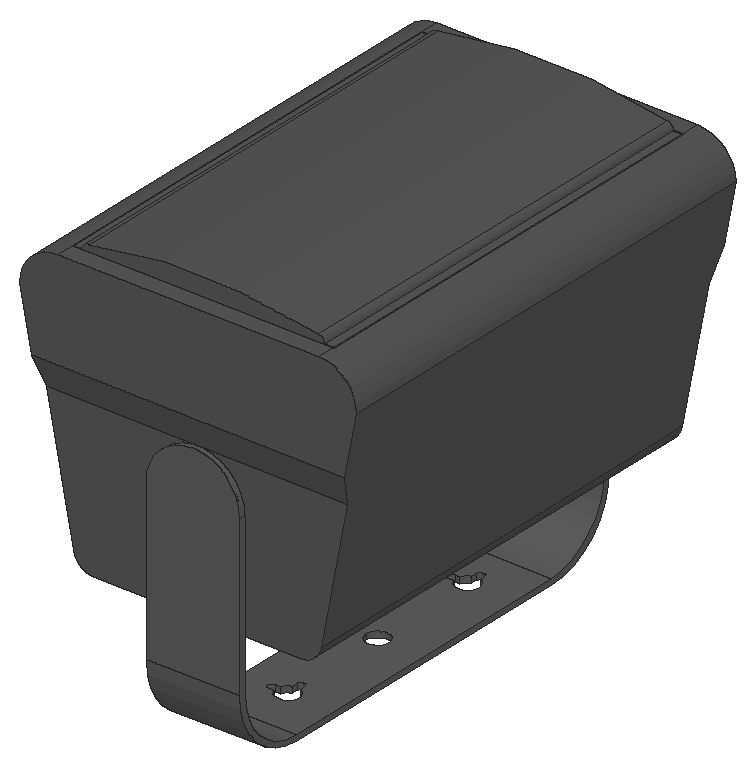
Revit family "Electronics_Commercial-Loudspeakers_Biamp_Active-Loudspeaker_SDQ5PIR", category Communication Devices, host Face, Revit 2020
Family settings
  Host = Face
  Maintain Annotation Orientation = No
  Round Connector Dimension = Use Diameter
  Part Type = Normal
  OmniClass Number = 23.85.10.11.14.14.14
  Cut with Voids When Loaded = No
  Shared = No
  Room Calculation Point = No
Parameters (values of type "SDQ5PIR B")
  Woofer size in inch = "5.25"  # constant formula
  Woofer cone material = "Polypropylene\r"  # constant formula
  Width = 7.08661"  # constant formula
  Weight = 12.35 lbf  # constant formula
  Voltage = 120 V  # constant formula
  Vertical dispersion angle 1000 Hz = "180°\r"  # constant formula
  URL = "https://www.biamp.com/"
  Tweeter size in inch = "1"  # constant formula
  SPL 1W/1m in dB = "86"  # constant formula
  Rotate angle (0°) - (-90.00°) [instance] = if(Rotate angle < -90.00°, -90.00°, if(Rotate angle > 0.00°, 0.00°, Rotate angle))  # 0.00°
  Rotate angle (0°) - (90.00°) [instance] = if(Rotate angle < 0.00°, 0.00°, if(Rotate angle > 90.00°, 90.00°, Rotate angle))  # 0.00°
  Rotate angle [instance] = 0.00°
  Product data url = "https://bimobject.com/biamp/product/sdq5pir_commercial-loudspeakers-surface-mount"
  Product Page URL = "https://www.biamp.com/products/product-families/commercial-loudspeakers/surface-mount#sdq5pir"
  Product Documentation Link = "https://downloads.biamp.com/assets/docs/default-source/data-sheets/biamp_data_sheet_sdq5pir_aug20.pdf"
  Power Factor = 1  # constant formula
  Number of Poles = 1  # constant formula
  Nom Rotate angle [instance] = if(Rotate angle > 0.00°, [Rotate angle (0°) - (90.00°)], [Rotate angle (0°) - (-90.00°)])  # 0.00°
  Mounting system = "U-bracket"  # constant formula
  Mounting Material = Biamp - Metal - Black
  Model = "SDQ5PIR B"
  Max SPL 1m in dB = "101"  # constant formula
  Max Power Consumption = 230 W  # constant formula
  Manufacturer = "Biamp"  # constant formula
  Low impedance dynamic power in watts = "2 x 30"  # constant formula
  Low impedance RMS power in watts = "2 x 15"  # constant formula
  Loudspeaker system = "2-way"  # constant formula
  Housing Material = Biamp - Plastic - Black
  Horizontal dispersion angle 1000 Hz = "180°\r"  # constant formula
  Height = 9.96063"  # constant formula
  Grill Material = Biamp - Plastic - Black(Grid)
  Frequency response in Hz = "45-20k"  # constant formula
  Description = "SDQ5PIR-BL Design Loudspeaker Set 5,\" 2 x 30 Watts with RC, Black"
  Depth = 6.37795"  # constant formula
  Default Elevation = 0.00"  # constant formula
  Connector Description = "Power Connector; 230VAC 50Hz - 80W"  # constant formula
  Apparent Load = Max Power Consumption / Power Factor  # 230 VA
Types (3): name | Mounting Material | Model | Housing Material | Grill Material | Description
  (no name) | Biamp - Metal - Black | "SDQ5PIR B" | Biamp - Plastic - Black | Biamp - Plastic - Black(Grid) | "SDQ5PIR-BL Design Loudspeaker Set 5,\" 2 x 30 Watts with RC, Black"
  SDQ5PIR B | Biamp - Metal - Black | "SDQ5PIR B" | Biamp - Plastic - Black | Biamp - Plastic - Black(Grid) | "SDQ5PIR-BL Design Loudspeaker Set 5,\" 2 x 30 Watts with RC, Black"
  SDQ5PIR W | Biamp - Metal - White | "SDQ5PIR W" | Biamp - Plastic - White | Biamp - Plastic - White(Grid) | "SDQ5PIR-BL Design Loudspeaker Set 5,\" 2 x 30 Watts with RC, White"
Reference planes (in)
  plane 1 "Center (Front/Back)": y = 0
  plane 2: z = 0
  plane 3 "Center (Left/Right)": x = 0
Dimensions and locks (in)
  aligned and locked: plane 2 to host face
  aligned and locked: level to host face
  aligned and locked: plane 3 "Center (Left/Right)" to nested 1
  aligned and locked: plane 1 "Center (Front/Back)" to nested 1
Nested families (in)
  nested 1: "U-Bracket" at (0, 0, 0), Housing Material <- "Mounting Material", type "U-Bracket"
    with Housing Material Biamp - Metal - Black
  nested 2: "SDQ5PIR_Angled_act" at (0, -4.74104, 4.85651) x (1, 0, 0) z (0, 1, 0), Angle of equipment <- "Nom Rotate angle", Grill Material <- "Grill Material", Housing Material <- "Housing Material", type "SDQ5PIR_Angled_act"
    with Housing Material Biamp - Plastic - Black, Grill Material Biamp - Plastic - Black(Grid), Angle of equipment 0.00°
Connectors (in)
  electrical at (-0.76898, 0.13019, 2.59148), driven by "Connector Description", driven by "Power Factor", driven by "Apparent Load", driven by "Voltage", driven by "Number of Poles"
    settings: on nested 2, index 1, voltage 120 V, apparent load 0 VA, apparent load phase1 230 VA, apparent load phase2 0 VA, apparent load phase3 0 VA, power factor 1, load classification "Other", number of poles 1, system type 31, power factor state 1, is connector primary yes, connector utility no, sub classification motor no, connector description "Power Connector; 230VAC 50Hz - 80W"
  electrical at (-1.1243, -1.28784, 2.59148)
    settings: on nested 2, index 2, voltage 0 V, apparent load 0 VA, apparent load phase1 0 VA, apparent load phase2 0 VA, apparent load phase3 0 VA, power factor 1, load classification "Other", number of poles 1, system type 5, power factor state 1, is connector primary no, connector utility no, sub classification motor no, connector description "Euroblock 2 pole; Speaker output"
  electrical at (-1.1243, -1.89807, 2.59148)
    settings: on nested 2, index 3, voltage 0 V, apparent load 0 VA, apparent load phase1 0 VA, apparent load phase2 0 VA, apparent load phase3 0 VA, power factor 1, load classification "Other", number of poles 1, system type 5, power factor state 1, is connector primary no, connector utility no, sub classification motor no, connector description "Euroblock 3 pole; Balanced line inputs"
  electrical at (-1.1243, -2.60673, 2.59148)
    settings: on nested 2, index 4, voltage 0 V, apparent load 0 VA, apparent load phase1 0 VA, apparent load phase2 0 VA, apparent load phase3 0 VA, power factor 1, load classification "Other", number of poles 1, system type 5, power factor state 1, is connector primary no, connector utility no, sub classification motor no, connector description "Euroblock 3 pole; Balanced line inputs"
  electrical at (-1.1243, -3.1776, 2.59148)
    settings: on nested 2, index 5, voltage 0 V, apparent load 0 VA, apparent load phase1 0 VA, apparent load phase2 0 VA, apparent load phase3 0 VA, power factor 1, load classification "Other", number of poles 1, system type 5, power factor state 1, is connector primary no, connector utility no, sub classification motor no, connector description "3.5mm jack; Stereo input A"
  electrical at (0, -3.66294, 2.59148)
    settings: on nested 2, index 6, voltage 0 V, apparent load 0 VA, apparent load phase1 0 VA, apparent load phase2 0 VA, apparent load phase3 0 VA, power factor 1, load classification "Other", number of poles 1, system type 5, power factor state 1, is connector primary no, connector utility no, sub classification motor no, connector description "RJ45; Wall panel"
  electrical at (-1.01168, -3.67314, 2.59148)
    settings: on nested 2, index 7, voltage 0 V, apparent load 0 VA, apparent load phase1 0 VA, apparent load phase2 0 VA, apparent load phase3 0 VA, power factor 1, load classification "Other", number of poles 1, system type 5, power factor state 1, is connector primary no, connector utility no, sub classification motor no, connector description "RS232; SUB D9"
Definition of nested family "U-Bracket"
  Parameters (values of type "U-Bracket")
    Housing Material [instance] = none
    Height = 0.00"
    Default Elevation = 0.00"  # constant formula
  Reference planes (in)
    plane 1 "Center (Front/Back)": y = 0
    plane 2: z = 0
    plane 3 "Center (Left/Right)": x = 0
  Forms (in)
    Extrusion 1, solid
      sketch origin (0, 0, 0) x (1, 0, 0) y (0, 1, 0)
        loop
          line (-48, 48) -> (-48, -48) -> (48, -48) -> (48, 48) -> (-48, 48)
      from 0 to -12
    Extrusion 2, solid, material <- "Housing Material"
      sketch origin (0, -8.48975, 21.90793) x (0, 0, -1) y (0, 1, 0)
        loop
          line (16.06717, 13.23079) -> (20.39788, 13.23079)
          arc (20.39788, 13.23079) -> (21.38213, 12.8231) -> (21.78982, 11.83884) r 1.39194
          line (21.78982, 11.83884) -> (21.78982, 5.14066)
          arc (21.78982, 5.14066) -> (21.38213, 4.15641) -> (20.39788, 3.74872) r 1.39194
          line (20.39788, 3.74872) -> (16.06717, 3.74872) -> (16.06717, 3.63061) -> (20.39788, 3.63061)
          arc (20.39788, 3.63061) -> (21.46564, 4.07289) -> (21.90793, 5.14066) r 1.51005
          line (21.90793, 5.14066) -> (21.90793, 11.83884)
          arc (21.90793, 11.83884) -> (21.46564, 12.90661) -> (20.39788, 13.3489) r 1.51005
          line (20.39788, 13.3489) -> (16.06717, 13.3489) -> (16.06717, 13.23079)
      from -0.98425 to 0.98425
    Extrusion 3, void
      sketch origin (0, 0, 0) x (1, 0, 0) y (0, 0, 1)
        loop
          arc (-0.98425, 4.85651) -> (0, 5.84076) -> (0.98425, 4.85651) r 0.98425
          line (0.98425, 4.85651) -> (0.98425, 6.03761) -> (-0.98425, 6.03761) -> (-0.98425, 4.85651)
      from 4.74104 to 4.85915
    Extrusion 4, void
      sketch origin (0, 0, 0) x (1, 0, 0) y (0, 0, -1)
        loop
          line (-0.98425, -4.85651) -> (-0.98425, -6.03761) -> (0.98425, -6.03761) -> (0.98425, -4.85651)
          arc (0.98425, -4.85651) -> (0, -5.84076) -> (-0.98425, -4.85651) r 0.98425
      from 4.74104 to 4.85915
    Extrusion 5, void
      sketch origin (0, 0, 0) x (1, 0, 0) y (0, 1, 0)
        loop
          circle (0, 0) r 0.24606
        loop
          arc (-0.08661, 2.59252) -> (-0.17399, 2.5362) -> (-0.23031, 2.44882) r 0.24606
          line (-0.23031, 2.44882) -> (-0.33713, 2.44882)
          arc (-0.33713, 2.44882) -> (-0.42375, 2.3622) -> (-0.33713, 2.27559) r 0.08661
          line (-0.33713, 2.27559) -> (-0.23031, 2.27559)
          arc (-0.23031, 2.27559) -> (0.17399, 2.18821) -> (0.08661, 2.59252) r 0.24606
          line (0.08661, 2.59252) -> (0.08661, 2.69934)
          arc (0.08661, 2.69934) -> (0, 2.78595) -> (-0.08661, 2.69934) r 0.08661
          line (-0.08661, 2.69934) -> (-0.08661, 2.59252)
        loop
          arc (-0.08661, -2.13189) -> (-0.17399, -2.18821) -> (-0.23031, -2.27559) r 0.24606
          line (-0.23031, -2.27559) -> (-0.33713, -2.27559)
          arc (-0.33713, -2.27559) -> (-0.42375, -2.3622) -> (-0.33713, -2.44882) r 0.08661
          line (-0.33713, -2.44882) -> (-0.23031, -2.44882)
          arc (-0.23031, -2.44882) -> (0.17399, -2.5362) -> (0.08661, -2.13189) r 0.24606
          line (0.08661, -2.13189) -> (0.08661, -2.02507)
          arc (0.08661, -2.02507) -> (0, -1.93846) -> (-0.08661, -2.02507) r 0.08661
          line (-0.08661, -2.02507) -> (-0.08661, -2.13189)
      from 0 to 0.11811
  Cuts and joins
    Extrusion 3, Extrusion 4, Extrusion 5 cuts Extrusion 2
  Lines and regions (in)
    Masking region 1
      outline origin (0, 0, 0) x (1, 0, 0) y (0, 1, 0)
        loop
          line (0.98425, 4.85915) -> (-0.98425, 4.85915) -> (-0.98425, -4.85915) -> (0.98425, -4.85915) -> (0.98425, 4.85915)
        loop
          line (0.08661, 2.59252) -> (0.08661, 2.69934)
          arc (0.08661, 2.69934) -> (0, 2.78595) -> (-0.08661, 2.69934) r 0.08661
          line (-0.08661, 2.69934) -> (-0.08661, 2.59252)
          arc (-0.08661, 2.59252) -> (-0.17399, 2.5362) -> (-0.23031, 2.44882) r 0.24606
          line (-0.23031, 2.44882) -> (-0.33713, 2.44882)
          arc (-0.33713, 2.44882) -> (-0.42375, 2.3622) -> (-0.33713, 2.27559) r 0.08661
          line (-0.33713, 2.27559) -> (-0.23031, 2.27559)
          arc (-0.23031, 2.27559) -> (0.17399, 2.18821) -> (0.08661, 2.59252) r 0.24606
        loop
          circle (0, 0) r 0.24606
        loop
          line (0.08661, -2.13189) -> (0.08661, -2.02507)
          arc (0.08661, -2.02507) -> (0, -1.93846) -> (-0.08661, -2.02507) r 0.08661
          line (-0.08661, -2.02507) -> (-0.08661, -2.13189)
          arc (-0.08661, -2.13189) -> (-0.17399, -2.18821) -> (-0.23031, -2.27559) r 0.24606
          line (-0.23031, -2.27559) -> (-0.33713, -2.27559)
          arc (-0.33713, -2.27559) -> (-0.42375, -2.3622) -> (-0.33713, -2.44882) r 0.08661
          line (-0.33713, -2.44882) -> (-0.23031, -2.44882)
          arc (-0.23031, -2.44882) -> (0.17399, -2.5362) -> (0.08661, -2.13189) r 0.24606
    Masking region 2
      outline origin (0, 0, 0) x (1, 0, 0) y (0, 0, 1)
        loop
          arc (0, 5.84076) -> (-0.69597, 5.55248) -> (-0.98425, 4.85651) r 0.98425
          line (-0.98425, 4.85651) -> (-0.98425, 0) -> (0.98425, 0) -> (0.98425, 4.85651)
          arc (0.98425, 4.85651) -> (0.69597, 5.55248) -> (0, 5.84076) r 0.98425
    Masking region 3
      outline origin (0, 0, 0) x (0, 1, 0) y (0, 0, 1)
        loop
          line (-4.74104, 1.51005) -> (-4.74104, 5.84076) -> (-4.85915, 5.84076) -> (-4.85915, 1.51005)
          arc (-4.85915, 1.51005) -> (-4.41686, 0.44228) -> (-3.34909, 0) r 1.51005
          line (-3.34909, 0) -> (3.34909, 0)
          arc (3.34909, 0) -> (4.41686, 0.44228) -> (4.85915, 1.51005) r 1.51005
          line (4.85915, 1.51005) -> (4.85915, 5.84076) -> (4.74104, 5.84076) -> (4.74104, 1.51005)
          arc (4.74104, 1.51005) -> (4.33335, 0.5258) -> (3.34909, 0.11811) r 1.39194
          line (3.34909, 0.11811) -> (-3.34909, 0.11811)
          arc (-3.34909, 0.11811) -> (-4.33335, 0.5258) -> (-4.74104, 1.51005) r 1.39194
    symbolic lines
      curve 1: line (-0.98425, 4.74104, 0) -> (0.98425, 4.74104, 0)
      curve 2: line (-0.98425, -4.74104, 0) -> (0.98425, -4.74104, 0)
  Dimensions and locks (in)
    aligned and locked: plane 2 to Extrusion 1
    aligned and locked: level to Extrusion 1
Definition of nested family "SDQ5PIR_Angled_act"
  Parameters (values of type "SDQ5PIR_Angled_act")
    Housing Material [instance] = none
    Grill Material [instance] = none
    Default Elevation = 0.00"
    Angle of equipment [instance] = 0.00°
  Reference planes (in)
    plane 1 "Center (Front/Back)": y = 0
    plane 2: z = 0
    plane 3 "Center (Left/Right)": x = 0
  Forms (in)
    Extrusion 1, solid
      sketch origin (0, 0, 0) x (1, 0, 0) y (0, 1, 0)
        loop
          line (-48, 48) -> (-48, -48) -> (48, -48) -> (48, 48) -> (-48, 48)
      from 0 to -12
  Lines and regions (in)
    reference lines
      curve 1: line (0, -8.46947, 0) -> (0, 0, 0)
      curve 2: line (0, -11.5, 0) -> (0, 0, 0)
  Dimensions and locks (in)
    "Angle of equipment": angle curve 1 to curve 2
    aligned and locked: plane 2 to Extrusion 1
    aligned and locked: level to Extrusion 1
    aligned and locked: plane 1 "Center (Front/Back)" to curve 1
    aligned and locked: plane 3 "Center (Left/Right)" to curve 1
    aligned and locked: plane 1 "Center (Front/Back)" to curve 2
    aligned and locked: plane 3 "Center (Left/Right)" to curve 2
    aligned and locked: curve 2 to nested 1
  Automatic sketch dimensions
    Extrusion 1 sketch curve to Extrusion 1 sketch curve = 96.00"  (x2)
    plane 1 "Center (Front/Back)" to curve 1 = 8.46947"
  Nested families (in)
    nested 1: "SDQ5PIR_act" at (0, 0.46325, 0), Grill Material <- "Grill Material", Housing Material <- "Housing Material", type "SDQ5PIR_act"
      with Housing Material none, Grill Material none
  Definition of nested family "SDQ5PIR_act"
    Parameters (values of type "SDQ5PIR_act")
      Housing Material [instance] = none
      Grill Material [instance] = none
      Default Elevation = 0.00"  # constant formula
    Reference planes (in)
      plane 1 "Center (Front/Back)": y = 0
      plane 2: z = 0
      plane 3 "Center (Left/Right)": x = 0
    Forms (in)
      Extrusion 1, solid
        sketch origin (0, 0, 0) x (1, 0, 0) y (0, 1, 0)
          loop
            line (-48, 48) -> (-48, -48) -> (48, -48) -> (48, 48) -> (-48, 48)
        from 0 to -12
      Extrusion 2, solid, material <- "Housing Material", detail levels medium+fine
        sketch origin (0, 1.80178, 4.74104) x (0, -1, 0) y (1, 0, 0)
          loop
            arc (5.18701, -3.54331) -> (5.75074, -3.3098) -> (5.98425, -2.74606) r 0.79724
            line (5.98425, -2.74606) -> (5.98425, 2.74606)
            arc (5.98425, 2.74606) -> (5.75074, 3.3098) -> (5.18701, 3.54331) r 0.79724
            line (5.18701, 3.54331) -> (0.35429, 2.61401)
            arc (0.35429, 2.61401) -> (0.10215, 2.46583) -> (0, 2.19179) r 0.43682
            line (0, 2.19179) -> (0, -2.19179)
            arc (0, -2.19179) -> (0.10215, -2.46583) -> (0.35429, -2.61401) r 0.43682
            line (0.35429, -2.61401) -> (5.18701, -3.54331)
        from -4.98031 to 4.98031
      Extrusion 3, solid, material <- "Grill Material", detail levels medium+fine
        sketch origin (0, 1.80178, 4.74104) x (0, -1, 0) y (1, 0, 0)
          loop
            line (5.98425, -2.74606) -> (5.98425, -2.54921)
            arc (5.98425, -2.54921) -> (6.08268, -2.50844) -> (6.12345, -2.41002) r 0.13919
            arc (6.12345, -2.41002) -> (6.37795, 0) -> (6.12345, 2.41002) r 11.53794
            arc (6.12345, 2.41002) -> (6.08268, 2.50844) -> (5.98425, 2.54921) r 0.13919
            line (5.98425, 2.54921) -> (5.98425, 2.74606) -> (5.59055, 2.74606) -> (5.59055, -2.74606) -> (5.98425, -2.74606)
        from -4.58661 to 4.58661
      Extrusion 4, void
        sketch origin (0, 1.80178, 4.74104) x (0, -1, 0) y (1, 0, 0)
          loop
            line (5.98425, -2.74606) -> (5.98425, 2.74606) -> (5.59055, 2.74606) -> (5.59055, -2.74606) -> (5.98425, -2.74606)
        from -4.58661 to 4.58661
      Extrusion 5, void
        sketch origin (0, 1.80178, 4.74104) x (1, 0, 0) y (0, 0, 1)
          loop
            line (-1.76181, 4.19291) -> (-1.76181, 3.60236) -> (-0.18701, 3.60236) -> (-0.18701, 4.19291) -> (-1.76181, 4.19291)
          loop
            line (1.76181, 4.19291) -> (0.18701, 4.19291) -> (0.18701, 3.60236) -> (1.76181, 3.60236) -> (1.76181, 4.19291)
          loop
            line (1.76181, 3.40551) -> (1.17126, 3.40551) -> (1.17126, -4.19291) -> (1.76181, -4.19291) -> (1.76181, 3.40551)
          loop
            line (-1.76181, -4.19291) -> (0.77756, -4.19291) -> (0.77756, 3.40551) -> (-1.76181, 3.40551) -> (-1.76181, -4.19291)
          loop
            line (1.01378, 3.40551) -> (0.93504, 3.40551) -> (0.93504, -4.19291) -> (1.01378, -4.19291) -> (1.01378, 3.40551)
          loop
            line (1.13189, 3.40551) -> (1.05315, 3.40551) -> (1.05315, -4.19291) -> (1.13189, -4.19291) -> (1.13189, 3.40551)
          loop
            line (0.81693, 3.40551) -> (0.81693, -4.19291) -> (0.89567, -4.19291) -> (0.89567, 3.40551) -> (0.81693, 3.40551)
        from 0 to 0.19685
      Extrusion 6, solid, detail levels medium+fine
        sketch origin (0, 1.80178, 4.74104) x (1, 0, 0) y (0, 0, 1)
          loop
            line (-1.45796, -0.14589) -> (-1.38955, -0.2143) -> (-0.14842, -0.2143) -> (-0.08001, -0.14589) -> (-0.08001, 0.33786) -> (-0.28524, 0.54309) -> (-1.25272, 0.54309) -> (-1.45796, 0.33786) -> (-1.45796, -0.14589)
        from 0 to 0.19685
      Extrusion 7, solid, detail levels medium+fine
        sketch origin (-0.7874, 1.80178, 5.01663) x (1, 0, 0) y (0, 0, 1)
          loop
            line (0.07772, -3.74776) -> (-0.52628, -3.74776)
            arc (-0.52628, -3.74776) -> (-0.58624, -3.77573) -> (-0.60333, -3.83964) r 0.07825
            line (-0.60333, -3.83964) -> (-0.56325, -4.06607)
            arc (-0.56325, -4.06607) -> (-0.53229, -4.1201) -> (-0.4738, -4.14146) r 0.09077
            line (-0.4738, -4.14146) -> (0.02524, -4.14146)
            arc (0.02524, -4.14146) -> (0.08373, -4.1201) -> (0.11469, -4.06607) r 0.09077
            line (0.11469, -4.06607) -> (0.15477, -3.83964)
            arc (0.15477, -3.83964) -> (0.13768, -3.77573) -> (0.07772, -3.74776) r 0.07825
        from 0 to 0.19685
      Extrusion 8, solid, detail levels medium+fine
        sketch origin (0, 1.80178, 4.74104) x (1, 0, 0) y (0, 0, 1)
          loop
            circle (0, -2.93202) r 0.23622
        from 0 to 0.19685
      Extrusion 9, solid, detail levels medium+fine
        sketch origin (0, 1.80178, 6.11899) x (1, 0, 0) y (0, 0, 1)
          loop
            line (-0.7306, -3.65004) -> (-1.518, -3.65004) -> (-1.518, -4.31933) -> (-0.7306, -4.31933) -> (-0.7306, -3.65004)
          loop
            line (-0.92745, -3.72878) -> (-0.92745, -3.84689) -> (-0.80934, -3.84689) -> (-0.80934, -3.72878) -> (-0.92745, -3.72878)
          loop
            line (-0.92745, -3.92563) -> (-0.92745, -4.04374) -> (-0.80934, -4.04374) -> (-0.80934, -3.92563) -> (-0.92745, -3.92563)
          loop
            line (-0.92745, -4.12248) -> (-0.92745, -4.24059) -> (-0.80934, -4.24059) -> (-0.80934, -4.12248) -> (-0.92745, -4.12248)
        from 0 to 0.19685
      Extrusion 10, solid, detail levels medium+fine
        sketch origin (0, 1.80178, 6.82765) x (1, 0, 0) y (0, 0, 1)
          loop
            line (-0.7306, -3.65004) -> (-1.518, -3.65004) -> (-1.518, -4.31933) -> (-0.7306, -4.31933) -> (-0.7306, -3.65004)
          loop
            line (-0.92745, -3.72878) -> (-0.92745, -3.84689) -> (-0.80934, -3.84689) -> (-0.80934, -3.72878) -> (-0.92745, -3.72878)
          loop
            line (-0.92745, -3.92563) -> (-0.92745, -4.04374) -> (-0.80934, -4.04374) -> (-0.80934, -3.92563) -> (-0.92745, -3.92563)
          loop
            line (-0.92745, -4.12248) -> (-0.92745, -4.24059) -> (-0.80934, -4.24059) -> (-0.80934, -4.12248) -> (-0.92745, -4.12248)
        from 0 to 0.19685
      Extrusion 11, solid, detail levels medium+fine
        sketch origin (0, 1.80178, 7.53631) x (1, 0, 0) y (0, 0, 1)
          loop
            line (-0.7306, -3.84689) -> (-1.518, -3.84689) -> (-1.518, -4.31933) -> (-0.7306, -4.31933) -> (-0.7306, -3.84689)
          loop
            line (-0.92745, -3.92563) -> (-0.92745, -4.04374) -> (-0.80934, -4.04374) -> (-0.80934, -3.92563) -> (-0.92745, -3.92563)
          loop
            line (-0.92745, -4.12248) -> (-0.92745, -4.24059) -> (-0.80934, -4.24059) -> (-0.80934, -4.12248) -> (-0.92745, -4.12248)
        from 0 to 0.19685
      Extrusion 12, solid, detail levels medium+fine
        sketch origin (-0.7306, 1.80178, 5.5595) x (1, 0, 0) y (0, 0, 1)
          loop
            circle (-0.3937, -3.99606) r 0.07874
          loop
            circle (-0.3937, -3.99606) r 0.05906
        from 0 to 0.19685
      Extrusion 13, solid, detail levels medium+fine
        sketch origin (0, 1.80178, 3.75678) x (1, 0, 0) y (0, 0, 1)
          loop
            line (0.19685, -2.52121) -> (-0.19685, -2.52121) -> (-0.19685, -2.71806) -> (-0.03937, -2.71806) -> (-0.03937, -2.75743) -> (0.03937, -2.75743) -> (0.03937, -2.71806) -> (0.19685, -2.71806) -> (0.19685, -2.52121)
        from 0 to 0.19685
      Extrusion 14, void
        sketch origin (0, 1.80178, 4.74104) x (0, 0, 1) y (0, -1, 0)
          loop
            line (4.98031, 3.90669) -> (4.74104, 3.24928) -> (4.74104, 0) -> (4.98031, 0) -> (4.98031, 3.90669)
          loop
            line (-4.98031, 3.90669) -> (-4.98031, 0) -> (-4.74104, 0) -> (-4.74104, 3.24928) -> (-4.98031, 3.90669)
        from -4.57046 to 3.64656
      Extrusion 15, solid, detail levels medium+fine
        sketch origin (0, 1.80178, 5.52844) x (1, 0, 0) y (0, 0, 1)
          loop
            circle (0, -3.20761) r 0.07874
          loop
            circle (0, -2.93202) r 0.07874
          loop
            circle (0, -2.42021) r 0.07874
          loop
            circle (0, -2.14462) r 0.07874
        from 0 to 0.19685
      Extrusion 16, solid, material <- "Housing Material", detail levels coarse
        sketch origin (0, 0, 0) x (1, 0, 0) y (0, 1, 0)
          loop
            line (-3.1707, -1.4475) -> (-3.54331, -3.38522)
            arc (-3.54331, -3.38522) -> (-3.3098, -3.94896) -> (-2.74606, -4.18247) r 0.79724
            line (-2.74606, -4.18247) -> (-2.54921, -4.18247)
            arc (-2.54921, -4.18247) -> (-2.50844, -4.28089) -> (-2.41002, -4.32166) r 0.13919
            arc (-2.41002, -4.32166) -> (0, -4.57617) -> (2.41002, -4.32166) r 11.53794
            arc (2.41002, -4.32166) -> (2.50844, -4.28089) -> (2.54921, -4.18247) r 0.13919
            line (2.54921, -4.18247) -> (2.74606, -4.18247)
            arc (2.74606, -4.18247) -> (3.3098, -3.94896) -> (3.54331, -3.38522) r 0.79724
            line (3.54331, -3.38522) -> (3.1707, -1.4475) -> (-3.1707, -1.4475)
        from -0.23928 to 9.72135
      Extrusion 17, solid, material <- "Housing Material", detail levels coarse
        sketch origin (0, 0, 0) x (1, 0, 0) y (0, 1, 0)
          loop
            line (-2.61401, 1.4475) -> (-3.1707, -1.4475) -> (3.1707, -1.4475) -> (2.61401, 1.4475)
            arc (2.61401, 1.4475) -> (2.46583, 1.69964) -> (2.19179, 1.80178) r 0.43682
            line (2.19179, 1.80178) -> (-2.19179, 1.80178)
            arc (-2.19179, 1.80178) -> (-2.46583, 1.69964) -> (-2.61401, 1.4475) r 0.43682
        from 0 to 9.48207
    Cuts and joins
      Extrusion 4, Extrusion 5, Extrusion 14 cuts Extrusion 2
    Lines and regions (in)
      Masking region 1
        outline origin (0, 0, 0) x (1, 0, 0) y (0, 1, 0)
          loop
            line (-2.61401, 1.4475) -> (-3.54331, -3.38522)
            arc (-3.54331, -3.38522) -> (-3.3098, -3.94896) -> (-2.74606, -4.18247) r 0.79724
            line (-2.74606, -4.18247) -> (-2.54921, -4.18247)
            arc (-2.54921, -4.18247) -> (-2.50844, -4.28089) -> (-2.41002, -4.32166) r 0.13919
            arc (-2.41002, -4.32166) -> (0, -4.57617) -> (2.41002, -4.32166) r 11.53794
            arc (2.41002, -4.32166) -> (2.50844, -4.28089) -> (2.54921, -4.18247) r 0.13919
            line (2.54921, -4.18247) -> (2.74606, -4.18247)
            arc (2.74606, -4.18247) -> (3.3098, -3.94896) -> (3.54331, -3.38522) r 0.79724
            line (3.54331, -3.38522) -> (2.61401, 1.4475)
            arc (2.61401, 1.4475) -> (2.46583, 1.69964) -> (2.19179, 1.80178) r 0.43682
            line (2.19179, 1.80178) -> (-2.19179, 1.80178)
            arc (-2.19179, 1.80178) -> (-2.46583, 1.69964) -> (-2.61401, 1.4475) r 0.43682
      Masking region 2
        outline origin (0, 0, 0) x (0, 1, 0) y (0, 0, 1)
          loop
            line (-2.10491, 9.72135) -> (-4.18247, 9.72135) -> (-4.18247, 9.32765) -> (-4.57617, 9.32765) -> (-4.57617, 0.15442) -> (-4.18247, 0.15442) -> (-4.18247, -0.23928) -> (-2.10491, -0.23928) -> (-1.4475, 0) -> (1.80178, 0) -> (1.80178, 9.48207) -> (-1.4475, 9.48207) -> (-2.10491, 9.72135)
      Masking region 3
        outline origin (0, 0, 0) x (1, 0, 0) y (0, 0, 1)
          loop
            line (-3.54331, 9.72135) -> (-3.54331, -0.23928) -> (3.54331, -0.23928) -> (3.54331, 0.15442) -> (3.54331, 9.32765) -> (3.54331, 9.72135) -> (-3.54331, 9.72135)
      symbolic lines
        curve 1: line (-3.1707, -1.4475, 0) -> (3.1707, -1.4475, 0)
        curve 2: line (3.29711, -2.10491, 0) -> (-3.29711, -2.10491, 0)
        curve 3: line (-2.74606, -4.18247, 0) -> (2.74606, -4.18247, 0)
        curve 4: line (0, -4.18247, 9.32765) -> (0, -4.18247, 0.15442)
        curve 5: line (0, -3.38522, 9.72135) -> (0, -3.38522, -0.23928)
        curve 6: line (0, -4.32166, 9.32765) -> (0, -4.32166, 0.15442)
        curve 7: line (-2.74606, 0, 9.32765) -> (2.74606, 0, 9.32765)
        curve 8: line (-2.74606, 0, 0.15442) -> (-2.74606, 0, 9.32765)
        curve 9: line (2.74606, 0, 0.15442) -> (-2.74606, 0, 0.15442)
        curve 10: line (2.74606, 0, 9.32765) -> (2.74606, 0, 0.15442)
        curve 11: line (-2.41002, 0, 9.32765) -> (-2.41002, 0, 0.15442)
        curve 12: line (-2.54921, 0, 9.32765) -> (-2.54921, 0, 0.15442)
        curve 13: line (2.54921, 0, 9.32765) -> (2.54921, 0, 0.15442)
        curve 14: line (2.41002, 0, 9.32765) -> (2.41002, 0, 0.15442)
    Dimensions and locks (in)
      aligned and locked: plane 2 to Extrusion 1
      aligned and locked: level to Extrusion 1
